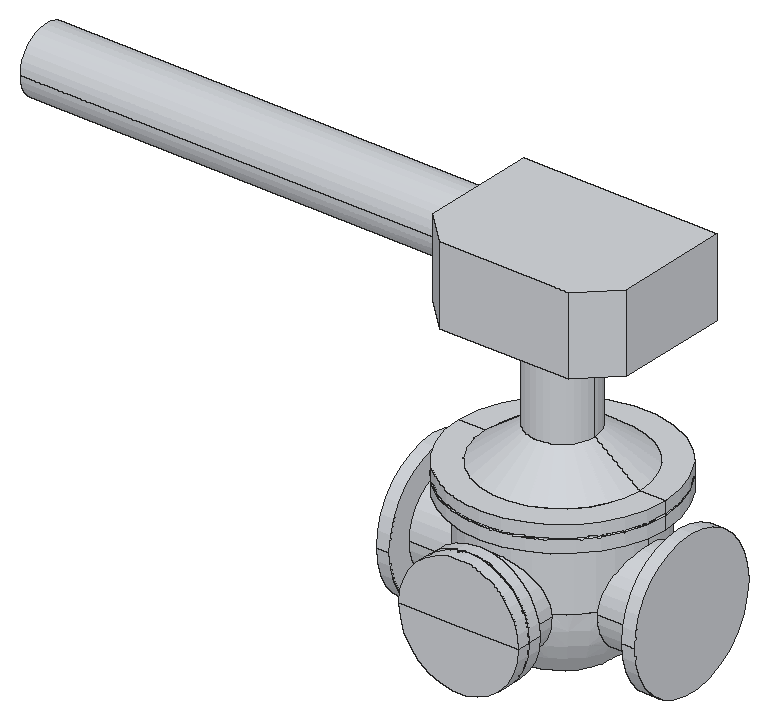
Revit family "1fd6916d4b3f4311be69db3ef6d8985c", category Pipe Accessories, Revit 2021
Family settings
  Round Connector Dimension = Use Radius
  Part Type = Valve - Breaks Into
  OmniClass Number = 23.65.55.14.17
  OmniClass Title = Adjusting/Controlling Valves for Liquid Services
  Work Plane-Based = No
  Always vertical = Yes
  Cut with Voids When Loaded = No
  Shared = No
Parameters (values of type "6"")
  Length 5 = Length 3 / 2  # 4 3/8"
  Length 4 = 3/32"
  Valve Material = none
  Symbol Length = 0.5 * Valve Length * tan(30.00°)  # 5.7735"
  Stem Radius = if(Nominal Diameter < 10", 2 1/2", if(Nominal Diameter < 20", 4", 6"))  # 2 1/2"
  Length 3 = Actuator Width - Stem Radius  # 8 3/4"
  Length 2 = if(Nominal Diameter < 10", 2 1/2", if(Nominal Diameter < 20", 4", 6"))  # 2 1/2"
  Default Elevation = 0"
  Cover Radius = 8"
  Center to Front = 10"
  Flange Diameter = 11 3/128"
  Valve Depth = 6 1/2"
  Center to Actuator End = 41"
  Bonnet Height = Body Radius + 1 1/2"  # 5.15"
  Body Radius = Nominal Radius * 1.05 + 1/2"  # 3.65"
  Valve Height = 23"
  Nominal Radius = 3"
  Nominal Diameter = Nominal Radius * 2  # 6"
  K Coefficient = 7
  Flange Thickness = 1"
  Flange Radius = Flange Diameter / 2  # 5 131/256"
  Valve Length = 20"
  Belly Radius = Cover Radius * 0.9 - 1/2"  # 6.7"
  Actuator Width = Actuator Length * 0.75  # 11 1/4"
  Actuator Material = none
  Actuator Length = if(Nominal Diameter < 10", 15", if(Nominal Diameter < 20", 24", 38"))  # 15"
  Actuator Height = Actuator Length * 0.4  # 6"
Reference planes (in)
  plane 1 "Center (Front/Back)": y = 0
  plane 2: z = 0
  plane 3 "Center (Left/Right)": x = 0
  plane 4: x = -10
  plane 5: x = 10
  plane 6: x = -9
  plane 7: x = 9
  plane 8: y = 5.51172
  plane 9: y = -5.51172
  plane 10: y = -5.7735
  plane 11: y = 5.7735
  plane 12: z = 5.15
  plane 13: z = 6.15
  plane 14: z = 23
  plane 15: z = 7.15
  plane 16: z = 9.65
  plane 17: z = 6.19688
  plane 18: z = 6.10313
  plane 19: z = 17
  plane 20: z = -6.5
  plane 21: z = 0.2
  plane 22: y = -9
  plane 23: y = -10
  plane 24: y = -8
  plane 25: y = -8.95313
  plane 26: y = -9.04688
  plane 27: x = -41
  plane 28: z = 20
  plane 29: y = 5.625
  plane 30: y = -5.625
Forms (in)
  Extrusion 1, solid, material <- "Valve Material", detail levels fine
    sketch origin (0, 0, 0) x (0, 1, 0) y (0, 0, 1)
      loop
        circle (0, 0) r 5.51172
    from -10 to -9
  Extrusion 2, solid, material <- "Valve Material", detail levels fine
    sketch origin (0, 0, 0) x (0, 1, 0) y (0, 0, 1)
      loop
        circle (0, 0) r 5.51172
    from 9 to 10
  Revolve 3, solid, material <- "Valve Material", detail levels fine
    sketch origin (0, 0, 0) x (1, 0, 0) y (0, 1, 0)
      loop
        line (-9, 0) -> (9, 0) -> (9, 3.65) -> (-9, 3.65) -> (-9, 0)
      axis (-9, 0) -> (9, 0)
    angle from 0 to 360
  Revolve 4, solid, material <- "Valve Material", detail levels fine
    sketch origin (0, 0, 0) x (1, 0, 0) y (0, 0, 1)
      loop
        line (0, 17) -> (-2.5, 17) -> (-2.5, 9.65) -> (-6, 7.15) -> (-8, 7.15) -> (-8, 6.19688)
        arc (-8, 6.19688) -> (-7.95312, 6.15) -> (-8, 6.10313) r 0.04687
        line (-8, 6.10313) -> (-8, 5.15) -> (-6.7, 5.15) -> (-6.7, 0.2)
        arc (-6.7, 0.2) -> (-4.73762, -4.53762) -> (0, -6.5) r 6.7
        line (0, -6.5) -> (0, 17)
      axis (0, 17) -> (0, -6.5)
    angle from 0 to 360
  Revolve 5, solid, material <- "Valve Material", detail levels fine
    sketch origin (0, 0, 0) x (1, 0, 0) y (0, 1, 0)
      loop
        line (-3.65, 0) -> (-3.65, -8) -> (-4.65, -8) -> (-4.65, -8.95313)
        arc (-4.65, -8.95313) -> (-4.60312, -9) -> (-4.65, -9.04688) r 0.04688
        line (-4.65, -9.04688) -> (-4.65, -10) -> (0, -10) -> (0, 0) -> (-3.65, 0)
      axis (0, 0) -> (0, -10)
    angle from 0 to 360
  Extrusion 6, solid, material <- "Actuator Material", detail levels fine
    sketch origin (0, 0, 0) x (1, 0, 0) y (0, 1, 0)
      loop
        line (-7.5, 5.625) -> (-7.5, -3.125) -> (-5, -5.625) -> (5, -5.625) -> (7.5, -3.125) -> (7.5, 5.625) -> (-7.5, 5.625)
    from 17 to 23
  Extrusion 7, solid, material <- "Actuator Material", detail levels fine
    sketch origin (0, 0, 0) x (0, 1, 0) y (0, 0, 1)
      loop
        circle (1.25, 20) r 2.5
    from -41 to -7.5
Cuts and joins
  joined: Extrusion 1, Extrusion 2
  joined: Revolve 3, Revolve 4, Revolve 5
Lines and regions (in)
  model lines, detail levels coarse+medium
    curve 1: line (-10, 5.7735, 0) -> (-10, -5.7735, 0)
    curve 2: line (10, 5.7735, 0) -> (10, -5.7735, 0)
    curve 3: line (10, -5.7735, 0) -> (-10, 5.7735, 0)
    curve 4: line (-10, -5.7735, 0) -> (10, 5.7735, 0)
Dimensions and locks (in)
  equal spacing: plane 8, plane 1 "Center (Front/Back)", plane 9
  "Flange Radius": plane 8 to plane 1 "Center (Front/Back)"
  equal spacing: plane 4, plane 3 "Center (Left/Right)", plane 5
  "Valve Length": plane 4 to plane 5
  "Flange Thickness": plane 4 to plane 6
  "Flange Thickness": plane 7 to plane 5
  "Symbol Length": plane 11 to plane 1 "Center (Front/Back)"
  "Symbol Length": plane 1 "Center (Front/Back)" to plane 10
  "Body Radius": Revolve 3 sketch curve to Revolve 3 sketch curve
  "Bonnet Height": plane 12 to level
  "Valve Height": plane 14 to level
  "Flange Thickness": plane 13 to plane 12
  "Flange Thickness": plane 15 to plane 13
  equal spacing: plane 17, plane 13, plane 18
  "Length 4": plane 17 to plane 18
  "Cover Radius": Revolve 4 sketch curve to Revolve 4 sketch curve
  "Stem Radius": Revolve 4 sketch curve to Revolve 4 sketch curve
  "Valve Depth": level to plane 20
  "Belly Radius": plane 21 to plane 20
  Revolve 4 sketch curve to Revolve 4 sketch curve = 2"
  equal spacing: plane 25, plane 22, plane 26
  "Length 4": plane 25 to plane 26
  locked: Revolve 5 sketch curve to Revolve 5 sketch curve at 1
  "Body Radius": Revolve 5 sketch curve to Revolve 5 sketch curve
  "Center to Front": plane 1 "Center (Front/Back)" to plane 23
  "Flange Thickness": plane 24 to plane 22
  "Flange Thickness": plane 22 to plane 23
  "Stem Radius": plane 16 to plane 15
  "Center to Actuator End": plane 27 to plane 3 "Center (Left/Right)"
  equal spacing: plane 14, plane 28, plane 19
  "Actuator Height": plane 14 to plane 19
  equal spacing: Extrusion 6 sketch curve, plane 1 "Center (Front/Back)", Extrusion 6 sketch curve
  "Actuator Width": Extrusion 6 sketch curve to Extrusion 6 sketch curve
  equal spacing: Extrusion 6 sketch curve, plane 3 "Center (Left/Right)", Extrusion 6 sketch curve
  "Actuator Length": Extrusion 6 sketch curve to Extrusion 6 sketch curve
  "Stem Radius": Extrusion 6 sketch curve to Extrusion 6 sketch curve  (x2)
  equal spacing: plane 29, plane 1 "Center (Front/Back)", plane 30
  "Actuator Width": plane 29 to plane 30
  "Length 5": plane 29 to Extrusion 7 sketch curve
  "Flange Radius": radius of Extrusion 1 sketch curve
  "Flange Radius": radius of Extrusion 2 sketch curve
  "Belly Radius": radius of Revolve 4 sketch curve
  "Length 2": radius of Extrusion 7 sketch curve
  locked: Extrusion 6 sketch curve to Extrusion 6 sketch curve (angle 135.00°)  (x2)
  aligned and locked: plane 1 "Center (Front/Back)" to Extrusion 1 sketch curve
  aligned and locked: plane 2 to Extrusion 1 sketch curve
  aligned and locked: Extrusion 1 to plane 4
  aligned and locked: plane 6 to Extrusion 1
  aligned and locked: plane 1 "Center (Front/Back)" to Extrusion 2 sketch curve
  aligned and locked: plane 2 to Extrusion 2 sketch curve
  aligned and locked: plane 7 to Extrusion 2
  aligned and locked: plane 5 to Extrusion 2
  aligned and locked: cut or joined group of Extrusion 1, Extrusion 2 to plane 4
  aligned and locked: plane 5 to cut or joined group of Extrusion 1, Extrusion 2
  aligned and locked: curve 1 to plane 4
  aligned and locked: plane 10 to curve 1
  aligned and locked: plane 11 to curve 1
  aligned and locked: curve 2 to plane 11
  aligned and locked: curve 2 to plane 10
  aligned and locked: plane 1 "Center (Front/Back)" to Revolve 3 sketch curve
  aligned and locked: Revolve 3 sketch curve to plane 6
  aligned and locked: Revolve 3 sketch curve to plane 7
  aligned and locked: Revolve 4 sketch curve to plane 3 "Center (Left/Right)"
  aligned and locked: Revolve 4 sketch curve to Revolve 4 sketch curve  (x3)
  aligned and locked: plane 16 to Revolve 4 sketch curve
  aligned and locked: plane 18 to Revolve 4 sketch curve
  aligned and locked: plane 17 to Revolve 4 sketch curve
  aligned and locked: plane 19 to Revolve 4 sketch curve
  aligned and locked: plane 21 to Revolve 4 sketch curve
  aligned and locked: Revolve 4 sketch curve to plane 12
  aligned and locked: plane 15 to Revolve 4 sketch curve
  aligned and locked: Revolve 5 sketch curve to plane 3 "Center (Left/Right)"
  aligned and locked: plane 26 to Revolve 5 sketch curve
  aligned and locked: plane 23 to Revolve 5 sketch curve
  aligned and locked: Revolve 5 sketch curve to Revolve 5 sketch curve  (x2)
  aligned and locked: plane 1 "Center (Front/Back)" to Revolve 5 sketch curve
  aligned and locked: plane 14 to Extrusion 6
  aligned and locked: Extrusion 6 to plane 19
  aligned and locked: plane 28 to Extrusion 7 sketch curve
  aligned and locked: Extrusion 7 to Extrusion 6
  aligned and locked: Extrusion 7 to plane 27
Automatic sketch dimensions
  plane 1 "Center (Front/Back)" to Revolve 3 sketch curve = 0"
  Revolve 3 sketch curve to plane 4 = 8.84261"
  plane 5 to Revolve 3 sketch curve = 8.78239"
  curve 3 to plane 5 = 0"
  Revolve 4 sketch curve to plane 20 = 5.47391"
  Revolve 4 sketch curve to Revolve 4 sketch curve = 1.0126"
  Revolve 5 sketch curve to plane 25 = 0"
  Revolve 5 sketch curve to plane 24 = 0"
  Revolve 5 sketch curve to plane 23 = 23.73479"
  plane 11 to Revolve 5 sketch curve = 12.33168"
Connectors (in)
  piping at (-10, 0, 0), diameter 6, driven by "Nominal Radius"
    settings: on cut or joined group of Extrusion 1, Extrusion 2, index 1, connector inside diameter 2", connector length 0", flow factor 0, pipe flow 0 GPM, pressure drop 0.00 psi, fitting loss kfactor 0, connector angle 0.00°, fixture units 0, engagement length 0", angle of deflection 0.00°, flow configuration 0, flow direction 1, fitting loss method 2, system type 29, joint type 0, gender type 0, connector reference index 2, connector utility 0, adjustable connector no, is connector primary yes, connector description "In"
  piping at (10, 0, 0), diameter 6, driven by "Nominal Radius"
    settings: on cut or joined group of Extrusion 1, Extrusion 2, index 2, connector inside diameter 24", connector length 0", flow factor 0, pipe flow 0 GPM, pressure drop 0.00 psi, fitting loss kfactor 0, connector angle 0.00°, fixture units 0, engagement length 0", angle of deflection 0.00°, flow configuration 0, flow direction 2, fitting loss method 0, system type 29, joint type 0, gender type 0, connector reference index 1, connector utility 0, adjustable connector no, is connector primary no, connector description "Out"
